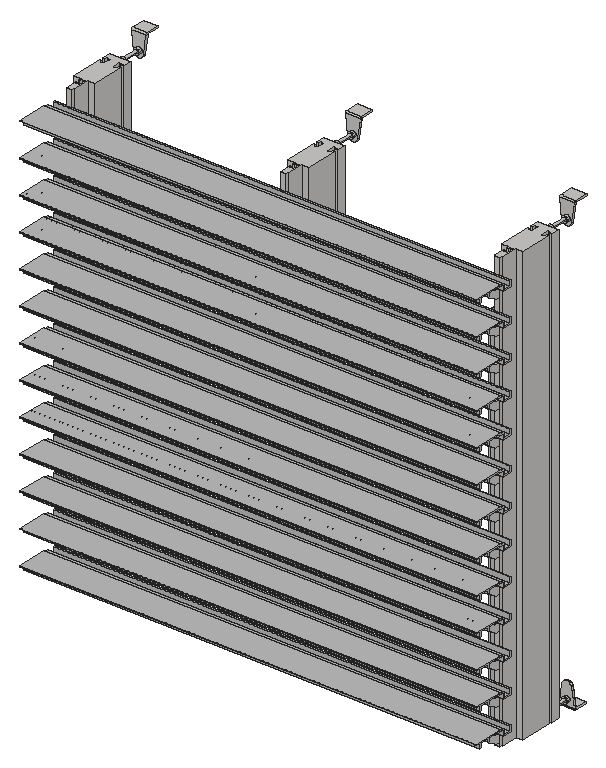
Revit family "Window_Shade-Draper-FlexLouver_Rack_Arm_System-Square", category Specialty Equipment, Revit 2013 (continued)
Definition of nested family "End Louver"
  Definition of nested family "EL Geometry"
    Forms (in)
      Extrusion 1, solid, material "Metal - Draper -Aluminum - Silver" <- "Louver", visible <- "50A Louver"
        sketch origin (0.875, 0.09844, 0.09471) x (0, 1, 0) y (0, 0, 1)
          loop
            line (-1.10039, -0.21165) -> (-1.08494, -0.23886)
            arc (-1.08494, -0.23886) -> (-0.13997, 0.10124) -> (0.85922, 0) r 2.2683
        from -18.875 to 17.125
      Extrusion 2, solid, material "Metal - Draper -Aluminum - Silver" <- "Louver", visible <- "75E Louver"
        sketch origin (0.875, -0.27705, -0.28799) x (0, 1, 0) y (0, 0, 1)
          loop
            arc (-0.93097, 0.42732) -> (-0.63341, 0.48598) -> (-0.3325, 0.52386) r 4.37044
            line (-0.3325, 0.52386) -> (-0.3325, 0.26422) -> (-0.27191, 0.26422) -> (-0.27191, 0.52894)
            arc (-0.27191, 0.52894) -> (0.47622, 0.52215) -> (1.21224, 0.38786) r 4.37044
            line (1.21224, 0.38786) -> (1.21224, 0) -> (1.2892, 0) -> (1.2892, 0.36612)
            arc (1.2892, 0.36612) -> (1.51991, 0.29165) -> (1.74614, 0.20451) r 4.37044
            arc (1.74614, 0.20451) -> (1.82881, 0.1271) -> (1.84994, 0.23836) r 0.06463
            arc (1.84994, 0.23836) -> (0.43744, 0.61105) -> (-1.01727, 0.47752) r 4.20109
            arc (-1.01727, 0.47752) -> (-1.02703, 0.36146) -> (-0.93097, 0.42732) r 0.06446
        from -18.875 to 17.125
      Extrusion 3, solid, material "Metal - Draper -Aluminum - Silver" <- "Louver", visible <- "80R Louver"
        sketch origin (0.875, 0.01071, 2.13816) x (0, 1, 0) y (0, 0, 1)
          loop
            arc (1.4161, -2.4181) -> (1.37978, -2.50109) -> (1.33223, -2.42398) r 0.05114
            line (1.33223, -2.42398) -> (1.30018, -2.41891)
            arc (1.30018, -2.41891) -> (1.39147, -2.5307) -> (1.43495, -2.39308) r 0.08203
            arc (1.43495, -2.39308) -> (0.10648, -1.90939) -> (-1.29962, -2.05656) r 3.14468
            arc (-1.29962, -2.05656) -> (-1.30016, -2.20078) -> (-1.179, -2.12254) r 0.08203
            line (-1.179, -2.12254) -> (-1.21105, -2.11747)
            arc (-1.21105, -2.11747) -> (-1.2801, -2.17611) -> (-1.289, -2.08595) r 0.05114
            arc (-1.289, -2.08595) -> (0.10182, -1.94031) -> (1.4161, -2.4181) r 3.11343
        from -18.875 to 17.125
      Extrusion 4, solid, material "Metal - Draper -Aluminum - Silver" <- "Louver", visible <- "88E Louver"
        sketch origin (0.875, -0.64781, 2.45794) x (0, 1, 0) y (0, 0, 1)
          loop
            line (-1.05423, -2.17771) -> (-1.05423, -2.24021) -> (-0.69623, -2.24021) -> (-0.69623, -2.61148) -> (-0.63373, -2.61148) -> (-0.63373, -2.24021) -> (0.03734, -2.24021) -> (0.03734, -2.48736) -> (0.09832, -2.48736) -> (0.09832, -2.24021) -> (1.25281, -2.24021) -> (1.25281, -2.31855) -> (1.58301, -2.31855) -> (1.58301, -2.74593) -> (2.32077, -2.74593) -> (2.32077, -2.29155) -> (2.25724, -2.29155) -> (2.25724, -2.68343) -> (1.64458, -2.68343) -> (1.64458, -2.25605) -> (1.31531, -2.25605) -> (1.31531, -2.17771) -> (-1.05423, -2.17771)
        from -18.875 to 17.125
      Extrusion 5, solid, material "Metal - Draper -Aluminum - Silver" <- "Louver", visible <- "75E - 88E"
        sketch origin (0.03125, 9.96393, -0.85962) x (0, 1, 0) y (0, 0, 1)
          loop
            line (-8.89938, 0.32812) -> (-8.89938, 0.57163) -> (-9.02874, 0.57163) -> (-9.02874, 0.94914) -> (-9.82122, 0.94914)
            arc (-9.82122, 0.94914) -> (-9.93468, 1.02552) -> (-10.06742, 0.99255) r 0.16846
            line (-10.06742, 0.99255) -> (-10.51342, 1.03942) -> (-10.51342, 0.8302) -> (-10.57441, 0.8302) -> (-10.57441, 1.05461) -> (-10.64797, 1.04604) -> (-10.73533, 0.9893)
            arc (-10.73533, 0.9893) -> (-10.78682, 0.91644) -> (-10.77402, 0.82815) r 0.12038
            line (-10.77402, 0.82815) -> (-10.53117, 0.40752)
            arc (-10.53117, 0.40752) -> (-10.41309, 0.28944) -> (-10.2518, 0.24622) r 0.32258
            line (-10.2518, 0.24622) -> (-9.81442, 0.24622)
            arc (-9.81442, 0.24622) -> (-9.49847, 0.22436) -> (-9.19207, 0.14423) r 1.69904
            arc (-9.19207, 0.14423) -> (-9.02014, 0.03273) -> (-8.85384, -0.087) r 4.21291
            line (-8.85384, -0.087) -> (-8.68322, 0.17572)
            arc (-8.68322, 0.17572) -> (-8.79019, 0.2535) -> (-8.89938, 0.32812) r 4.52541
        from -17.5 to -17.1875
      Extrusion 6, solid, material "Metal - Draper -Aluminum - Silver" <- "Louver", visible <- "80R Louver"
        sketch origin (0.03125, 8.27568, -4.36662) x (0, 1, 0) y (0, 0, 1)
          loop
            line (-7.10762, 3.96828) -> (-7.01185, 3.95652) -> (-6.99493, 4.09435) -> (-6.84887, 4.08669)
            arc (-6.84887, 4.08669) -> (-8.16314, 4.56448) -> (-9.55396, 4.41884) r 3.11343
            line (-9.55396, 4.41884) -> (-9.43148, 4.40812) -> (-9.43148, 4.26562)
            arc (-9.43148, 4.26562) -> (-8.23654, 4.00891) -> (-7.16558, 3.42) r 4.21291
            line (-7.16558, 3.42) -> (-6.99497, 3.68273)
            arc (-6.99497, 3.68273) -> (-7.0961, 3.75638) -> (-7.19923, 3.82722) r 4.52541
            line (-7.19923, 3.82722) -> (-7.10762, 3.96828)
        from -17.5 to -17.1875
      Extrusion 7, solid, material "Metal - Draper -Aluminum - Silver" <- "Louver", visible <- "50A Louver"
        sketch origin (0.09375, -1.77024, -3.17223) x (0, 1, 0) y (0, 0, 1)
          loop
            arc (2.73173, 3.19939) -> (2.83121, 3.24746) -> (2.78313, 3.34694) r 0.07813
            arc (2.78313, 3.34694) -> (2.71143, 3.37064) -> (2.639, 3.39204) r 2.36205
            line (2.639, 3.39204) -> (2.61906, 3.33271)
            arc (2.61906, 3.33271) -> (2.6791, 3.31522) -> (2.73863, 3.29611) r 2.29955
            line (2.73863, 3.29611) -> (2.72868, 3.26649)
            arc (2.72868, 3.26649) -> (1.72949, 3.36773) -> (0.78452, 3.02763) r 2.2683
            line (0.78452, 3.02763) -> (0.76908, 3.05484)
            arc (0.76908, 3.05484) -> (0.82224, 3.08776) -> (0.87627, 3.11921) r 2.29955
            line (0.87627, 3.11921) -> (0.84542, 3.17357)
            arc (0.84542, 3.17357) -> (0.77943, 3.13491) -> (0.71472, 3.09414) r 2.36205
            arc (0.71472, 3.09414) -> (0.69202, 2.98601) -> (0.80014, 2.96331) r 0.07812
            arc (0.80014, 2.96331) -> (1.18834, 3.16497) -> (1.60869, 3.28606) r 2.2058
            arc (1.60869, 3.28606) -> (1.57054, 3.09945) -> (1.69921, 2.95901) r 0.2096
            line (1.69921, 2.95901) -> (1.25669, 2.60066) -> (1.29602, 2.55209) -> (1.7131, 2.88984)
            arc (1.7131, 2.88984) -> (1.84399, 2.89281) -> (1.95835, 2.95657) r 0.2721
            arc (1.95835, 2.95657) -> (2.12601, 2.87183) -> (2.28769, 2.77616) r 2.82996
            line (2.28769, 2.77616) -> (2.45567, 3.03967)
            arc (2.45567, 3.03967) -> (2.34919, 3.10462) -> (2.24021, 3.16529) r 3.14246
            line (2.24021, 3.16529) -> (2.5197, 3.26153)
            arc (2.5197, 3.26153) -> (2.6265, 3.23311) -> (2.73173, 3.19939) r 2.2058
          loop
            arc (1.90262, 3.31973) -> (1.96396, 3.24078) -> (1.98175, 3.1424) r 0.2096
            line (1.98175, 3.1424) -> (2.40055, 3.2866)
            arc (2.40055, 3.2866) -> (2.15252, 3.31729) -> (1.90262, 3.31973) r 2.2058
        from -17.5625 to -17.25
      Extrusion 8, solid, material "Metal - Draper -Aluminum - Silver" <- "Louver", visible <- "75E - 88E"
        sketch origin (33.8125, 9.96393, -0.85962) x (0, 1, 0) y (0, 0, 1)
          loop
            line (-8.89938, 0.32812) -> (-8.89938, 0.57163) -> (-9.02874, 0.57163) -> (-9.02874, 0.94914) -> (-9.82122, 0.94914)
            arc (-9.82122, 0.94914) -> (-9.93468, 1.02552) -> (-10.06742, 0.99255) r 0.16846
            line (-10.06742, 0.99255) -> (-10.51342, 1.03942) -> (-10.51342, 0.8302) -> (-10.57441, 0.8302) -> (-10.57441, 1.05461) -> (-10.64797, 1.04604) -> (-10.73533, 0.9893)
            arc (-10.73533, 0.9893) -> (-10.78682, 0.91644) -> (-10.77402, 0.82815) r 0.12038
            line (-10.77402, 0.82815) -> (-10.53117, 0.40752)
            arc (-10.53117, 0.40752) -> (-10.41309, 0.28944) -> (-10.2518, 0.24622) r 0.32258
            line (-10.2518, 0.24622) -> (-9.81442, 0.24622)
            arc (-9.81442, 0.24622) -> (-9.49847, 0.22436) -> (-9.19207, 0.14423) r 1.69904
            arc (-9.19207, 0.14423) -> (-9.02014, 0.03273) -> (-8.85384, -0.087) r 4.21291
            line (-8.85384, -0.087) -> (-8.68322, 0.17572)
            arc (-8.68322, 0.17572) -> (-8.79019, 0.2535) -> (-8.89938, 0.32812) r 4.52541
        from -17.5 to -17.1875
      Extrusion 9, solid, material "Metal - Draper -Aluminum - Silver" <- "Louver", visible <- "75E - 88E"
        sketch origin (16.92188, 9.96393, -0.85962) x (0, 1, 0) y (0, 0, 1)
          loop
            line (-8.89938, 0.32812) -> (-8.89938, 0.57163) -> (-9.02874, 0.57163) -> (-9.02874, 0.94914) -> (-9.82122, 0.94914)
            arc (-9.82122, 0.94914) -> (-9.93468, 1.02552) -> (-10.06742, 0.99255) r 0.16846
            line (-10.06742, 0.99255) -> (-10.51342, 1.03942) -> (-10.51342, 0.8302) -> (-10.57441, 0.8302) -> (-10.57441, 1.05461) -> (-10.64797, 1.04604) -> (-10.73533, 0.9893)
            arc (-10.73533, 0.9893) -> (-10.78682, 0.91644) -> (-10.77402, 0.82815) r 0.12038
            line (-10.77402, 0.82815) -> (-10.53117, 0.40752)
            arc (-10.53117, 0.40752) -> (-10.41309, 0.28944) -> (-10.2518, 0.24622) r 0.32258
            line (-10.2518, 0.24622) -> (-9.81442, 0.24622)
            arc (-9.81442, 0.24622) -> (-9.49847, 0.22436) -> (-9.19207, 0.14423) r 1.69904
            arc (-9.19207, 0.14423) -> (-9.02014, 0.03273) -> (-8.85384, -0.087) r 4.21291
            line (-8.85384, -0.087) -> (-8.68322, 0.17572)
            arc (-8.68322, 0.17572) -> (-8.79019, 0.2535) -> (-8.89938, 0.32812) r 4.52541
        from -17.5 to -17.1875
      Extrusion 10, solid, material "Metal - Draper -Aluminum - Silver" <- "Louver", visible <- "80R Louver"
        sketch origin (33.8125, 8.27568, -4.36662) x (0, 1, 0) y (0, 0, 1)
          loop
            line (-7.10762, 3.96828) -> (-7.01185, 3.95652) -> (-6.99493, 4.09435) -> (-6.84887, 4.08669)
            arc (-6.84887, 4.08669) -> (-8.16314, 4.56448) -> (-9.55396, 4.41884) r 3.11343
            line (-9.55396, 4.41884) -> (-9.43148, 4.40812) -> (-9.43148, 4.26562)
            arc (-9.43148, 4.26562) -> (-8.23654, 4.00891) -> (-7.16558, 3.42) r 4.21291
            line (-7.16558, 3.42) -> (-6.99497, 3.68273)
            arc (-6.99497, 3.68273) -> (-7.0961, 3.75638) -> (-7.19923, 3.82722) r 4.52541
            line (-7.19923, 3.82722) -> (-7.10762, 3.96828)
        from -17.5 to -17.1875
      Extrusion 11, solid, material "Metal - Draper -Aluminum - Silver" <- "Louver", visible <- "80R Louver"
        sketch origin (16.92188, 8.27568, -4.36662) x (0, 1, 0) y (0, 0, 1)
          loop
            line (-7.10762, 3.96828) -> (-7.01185, 3.95652) -> (-6.99493, 4.09435) -> (-6.84887, 4.08669)
            arc (-6.84887, 4.08669) -> (-8.16314, 4.56448) -> (-9.55396, 4.41884) r 3.11343
            line (-9.55396, 4.41884) -> (-9.43148, 4.40812) -> (-9.43148, 4.26562)
            arc (-9.43148, 4.26562) -> (-8.23654, 4.00891) -> (-7.16558, 3.42) r 4.21291
            line (-7.16558, 3.42) -> (-6.99497, 3.68273)
            arc (-6.99497, 3.68273) -> (-7.0961, 3.75638) -> (-7.19923, 3.82722) r 4.52541
            line (-7.19923, 3.82722) -> (-7.10762, 3.96828)
        from -17.5 to -17.1875
      Extrusion 12, solid, material "Metal - Draper -Aluminum - Silver" <- "Louver", visible <- "50A Louver"
        sketch origin (33.875, -1.77024, -3.17223) x (0, 1, 0) y (0, 0, 1)
          loop
            arc (2.73173, 3.19939) -> (2.83121, 3.24746) -> (2.78313, 3.34694) r 0.07813
            arc (2.78313, 3.34694) -> (2.71143, 3.37064) -> (2.639, 3.39204) r 2.36205
            line (2.639, 3.39204) -> (2.61906, 3.33271)
            arc (2.61906, 3.33271) -> (2.6791, 3.31522) -> (2.73863, 3.29611) r 2.29955
            line (2.73863, 3.29611) -> (2.72868, 3.26649)
            arc (2.72868, 3.26649) -> (1.72949, 3.36773) -> (0.78452, 3.02763) r 2.2683
            line (0.78452, 3.02763) -> (0.76908, 3.05484)
            arc (0.76908, 3.05484) -> (0.82224, 3.08776) -> (0.87627, 3.11921) r 2.29955
            line (0.87627, 3.11921) -> (0.84542, 3.17357)
            arc (0.84542, 3.17357) -> (0.77943, 3.13491) -> (0.71472, 3.09414) r 2.36205
            arc (0.71472, 3.09414) -> (0.69202, 2.98601) -> (0.80014, 2.96331) r 0.07812
            arc (0.80014, 2.96331) -> (1.18834, 3.16497) -> (1.60869, 3.28606) r 2.2058
            arc (1.60869, 3.28606) -> (1.57054, 3.09945) -> (1.69921, 2.95901) r 0.2096
            line (1.69921, 2.95901) -> (1.25669, 2.60066) -> (1.29602, 2.55209) -> (1.7131, 2.88984)
            arc (1.7131, 2.88984) -> (1.84399, 2.89281) -> (1.95835, 2.95657) r 0.2721
            arc (1.95835, 2.95657) -> (2.12601, 2.87183) -> (2.28769, 2.77616) r 2.82996
            line (2.28769, 2.77616) -> (2.45567, 3.03967)
            arc (2.45567, 3.03967) -> (2.34919, 3.10462) -> (2.24021, 3.16529) r 3.14246
            line (2.24021, 3.16529) -> (2.5197, 3.26153)
            arc (2.5197, 3.26153) -> (2.6265, 3.23311) -> (2.73173, 3.19939) r 2.2058
          loop
            arc (1.90262, 3.31973) -> (1.96396, 3.24078) -> (1.98175, 3.1424) r 0.2096
            line (1.98175, 3.1424) -> (2.40055, 3.2866)
            arc (2.40055, 3.2866) -> (2.15252, 3.31729) -> (1.90262, 3.31973) r 2.2058
        from -17.5625 to -17.25
      Extrusion 13, solid, material "Metal - Draper -Aluminum - Silver" <- "Louver", visible <- "50A Louver"
        sketch origin (16.98438, -1.77024, -3.17223) x (0, 1, 0) y (0, 0, 1)
          loop
            arc (2.73173, 3.19939) -> (2.83121, 3.24746) -> (2.78313, 3.34694) r 0.07813
            arc (2.78313, 3.34694) -> (2.71143, 3.37064) -> (2.639, 3.39204) r 2.36205
            line (2.639, 3.39204) -> (2.61906, 3.33271)
            arc (2.61906, 3.33271) -> (2.6791, 3.31522) -> (2.73863, 3.29611) r 2.29955
            line (2.73863, 3.29611) -> (2.72868, 3.26649)
            arc (2.72868, 3.26649) -> (1.72949, 3.36773) -> (0.78452, 3.02763) r 2.2683
            line (0.78452, 3.02763) -> (0.76908, 3.05484)
            arc (0.76908, 3.05484) -> (0.82224, 3.08776) -> (0.87627, 3.11921) r 2.29955
            line (0.87627, 3.11921) -> (0.84542, 3.17357)
            arc (0.84542, 3.17357) -> (0.77943, 3.13491) -> (0.71472, 3.09414) r 2.36205
            arc (0.71472, 3.09414) -> (0.69202, 2.98601) -> (0.80014, 2.96331) r 0.07812
            arc (0.80014, 2.96331) -> (1.18834, 3.16497) -> (1.60869, 3.28606) r 2.2058
            arc (1.60869, 3.28606) -> (1.57054, 3.09945) -> (1.69921, 2.95901) r 0.2096
            line (1.69921, 2.95901) -> (1.25669, 2.60066) -> (1.29602, 2.55209) -> (1.7131, 2.88984)
            arc (1.7131, 2.88984) -> (1.84399, 2.89281) -> (1.95835, 2.95657) r 0.2721
            arc (1.95835, 2.95657) -> (2.12601, 2.87183) -> (2.28769, 2.77616) r 2.82996
            line (2.28769, 2.77616) -> (2.45567, 3.03967)
            arc (2.45567, 3.03967) -> (2.34919, 3.10462) -> (2.24021, 3.16529) r 3.14246
            line (2.24021, 3.16529) -> (2.5197, 3.26153)
            arc (2.5197, 3.26153) -> (2.6265, 3.23311) -> (2.73173, 3.19939) r 2.2058
          loop
            arc (1.90262, 3.31973) -> (1.96396, 3.24078) -> (1.98175, 3.1424) r 0.2096
            line (1.98175, 3.1424) -> (2.40055, 3.2866)
            arc (2.40055, 3.2866) -> (2.15252, 3.31729) -> (1.90262, 3.31973) r 2.2058
        from -17.5625 to -17.25
      Extrusion 14, solid, material "Metal - Draper -Aluminum - Silver" <- "Louver", visible <- "50A Louver", not visible
        sketch origin (0.09375, -1.77024, -3.17223) x (0, 1, 0) y (0, 0, 1)
          loop
            arc (2.73173, 3.19939) -> (2.83121, 3.24746) -> (2.78313, 3.34694) r 0.07813
            arc (2.78313, 3.34694) -> (2.71143, 3.37064) -> (2.639, 3.39204) r 2.36205
            line (2.639, 3.39204) -> (2.61906, 3.33271)
            arc (2.61906, 3.33271) -> (2.6791, 3.31522) -> (2.73863, 3.29611) r 2.29955
            line (2.73863, 3.29611) -> (2.72868, 3.26649)
            arc (2.72868, 3.26649) -> (1.72949, 3.36773) -> (0.78452, 3.02763) r 2.2683
            line (0.78452, 3.02763) -> (0.76908, 3.05484)
            arc (0.76908, 3.05484) -> (0.82224, 3.08776) -> (0.87627, 3.11921) r 2.29955
            line (0.87627, 3.11921) -> (0.84542, 3.17357)
            arc (0.84542, 3.17357) -> (0.77943, 3.13491) -> (0.71472, 3.09414) r 2.36205
            arc (0.71472, 3.09414) -> (0.69202, 2.98601) -> (0.80014, 2.96331) r 0.07812
            arc (0.80014, 2.96331) -> (1.18834, 3.16497) -> (1.60869, 3.28606) r 2.2058
            arc (1.60869, 3.28606) -> (1.57054, 3.09945) -> (1.69921, 2.95901) r 0.2096
            line (1.69921, 2.95901) -> (1.25669, 2.60066) -> (1.29602, 2.55209) -> (1.7131, 2.88984)
            arc (1.7131, 2.88984) -> (1.84399, 2.89281) -> (1.95835, 2.95657) r 0.2721
            arc (1.95835, 2.95657) -> (2.12601, 2.87183) -> (2.28769, 2.77616) r 2.82996
            line (2.28769, 2.77616) -> (2.45567, 3.03967)
            arc (2.45567, 3.03967) -> (2.34919, 3.10462) -> (2.24021, 3.16529) r 3.14246
            line (2.24021, 3.16529) -> (2.5197, 3.26153)
            arc (2.5197, 3.26153) -> (2.6265, 3.23311) -> (2.73173, 3.19939) r 2.2058
          loop
            arc (1.90262, 3.31973) -> (1.96396, 3.24078) -> (1.98175, 3.1424) r 0.2096
            line (1.98175, 3.1424) -> (2.40055, 3.2866)
            arc (2.40055, 3.2866) -> (2.15252, 3.31729) -> (1.90262, 3.31973) r 2.2058
        from -17.5625 to -17.25
      Extrusion 15, solid, material "Metal - Draper -Aluminum - Silver" <- "Louver", visible <- "80R Louver", not visible
        sketch origin (0.03125, 8.27568, -4.36662) x (0, 1, 0) y (0, 0, 1)
          loop
            line (-7.10762, 3.96828) -> (-7.01185, 3.95652) -> (-6.99493, 4.09435) -> (-6.84887, 4.08669)
            arc (-6.84887, 4.08669) -> (-8.16314, 4.56448) -> (-9.55396, 4.41884) r 3.11343
            line (-9.55396, 4.41884) -> (-9.43148, 4.40812) -> (-9.43148, 4.26562)
            arc (-9.43148, 4.26562) -> (-8.23654, 4.00891) -> (-7.16558, 3.42) r 4.21291
            line (-7.16558, 3.42) -> (-6.99497, 3.68273)
            arc (-6.99497, 3.68273) -> (-7.0961, 3.75638) -> (-7.19923, 3.82722) r 4.52541
            line (-7.19923, 3.82722) -> (-7.10762, 3.96828)
        from -17.5 to -17.1875
      Extrusion 16, solid, material "Metal - Draper -Aluminum - Silver" <- "Louver", visible <- "75E - 88E", not visible
        sketch origin (0.03125, 9.96393, -0.85962) x (0, 1, 0) y (0, 0, 1)
          loop
            line (-8.89938, 0.32812) -> (-8.89938, 0.57163) -> (-9.02874, 0.57163) -> (-9.02874, 0.94914) -> (-9.82122, 0.94914)
            arc (-9.82122, 0.94914) -> (-9.93468, 1.02552) -> (-10.06742, 0.99255) r 0.16846
            line (-10.06742, 0.99255) -> (-10.51342, 1.03942) -> (-10.51342, 0.8302) -> (-10.57441, 0.8302) -> (-10.57441, 1.05461) -> (-10.64797, 1.04604) -> (-10.73533, 0.9893)
            arc (-10.73533, 0.9893) -> (-10.78682, 0.91644) -> (-10.77402, 0.82815) r 0.12038
            line (-10.77402, 0.82815) -> (-10.53117, 0.40752)
            arc (-10.53117, 0.40752) -> (-10.41309, 0.28944) -> (-10.2518, 0.24622) r 0.32258
            line (-10.2518, 0.24622) -> (-9.81442, 0.24622)
            arc (-9.81442, 0.24622) -> (-9.49847, 0.22436) -> (-9.19207, 0.14423) r 1.69904
            arc (-9.19207, 0.14423) -> (-9.02014, 0.03273) -> (-8.85384, -0.087) r 4.21291
            line (-8.85384, -0.087) -> (-8.68322, 0.17572)
            arc (-8.68322, 0.17572) -> (-8.79019, 0.2535) -> (-8.89938, 0.32812) r 4.52541
        from -17.5 to -17.1875
    Dimensions and locks (in)
      equal spacing: plane 4, plane 3 "Center (Left/Right)", plane 5
      "Length": plane 4 to plane 5
      locked: plane 4 to plane 6 at 0.53125
      locked: plane 6 to plane 7 at 0.3125
      locked: plane 8 to plane 5 at 1.6875
      equal spacing: group 1, group 3, group 2  (x3)
      equal spacing: group 4, group 6, group 5  (x3)
      equal spacing: group 7, group 9, group 8  (x3)
      aligned and locked: plane 2 to level
      aligned and locked: Extrusion 4 to plane 4
      aligned and locked: Extrusion 2 to plane 4
      aligned and locked: Extrusion 3 to plane 4
      aligned and locked: Extrusion 1 to plane 4
      aligned and locked: plane 5 to Extrusion 4
      aligned and locked: plane 5 to Extrusion 2
      aligned and locked: plane 5 to Extrusion 1
      aligned and locked: plane 5 to Extrusion 3
      aligned and locked: Extrusion 5 to plane 6
      aligned and locked: Extrusion 6 to plane 6
      aligned and locked: plane 8 to Extrusion 8
      aligned and locked: plane 8 to Extrusion 10
      aligned and locked: plane 8 to Extrusion 12
      aligned and locked: plane 7 to Extrusion 5
      aligned and locked: plane 7 to Extrusion 6
      aligned and locked: plane 7 to Extrusion 7
    Automatic sketch dimensions
      Extrusion 3 sketch curve to Extrusion 3 sketch curve = 0"  (x2)
      level to Extrusion 3 sketch curve = 0.02069"
      plane 1 "Center (Front/Back)" to Extrusion 3 sketch curve = 1.20034"
      Extrusion 3 sketch curve to level = 0.28582"
      level to Extrusion 3 sketch curve = 1/64"
      Extrusion 3 sketch curve to Extrusion 3 sketch curve = 0.03204"  (x2)
      Extrusion 3 sketch curve to Extrusion 3 sketch curve = 0.08857"
      Extrusion 3 sketch curve to Extrusion 3 sketch curve = 0.01063"
      level to Extrusion 3 sketch curve = 0.00946"
      Extrusion 3 sketch curve to Extrusion 3 sketch curve = 0.04989"
      Extrusion 3 sketch curve to Extrusion 3 sketch curve = 0.00014"
      plane 1 "Center (Front/Back)" to Extrusion 3 sketch curve = 0.2669"
      Extrusion 3 sketch curve to Extrusion 3 sketch curve = 0.00017"
      Extrusion 3 sketch curve to Extrusion 3 sketch curve = 0.01885"
      Extrusion 3 sketch curve to Extrusion 3 sketch curve = 0.00508"
      Extrusion 3 sketch curve to level = 2.89237"
      Extrusion 3 sketch curve to Extrusion 3 sketch curve = 0.00006"
      level to Extrusion 4 sketch curve = 0.28023"
      plane 1 "Center (Front/Back)" to Extrusion 4 sketch curve = 1.70204"
      Extrusion 4 sketch curve to level = 0.28799"
      Extrusion 4 sketch curve to Extrusion 4 sketch curve = 0.358"
      Extrusion 4 sketch curve to Extrusion 4 sketch curve = 1/16"  (x5)
      Extrusion 4 sketch curve to level = 0.02942"
      plane 1 "Center (Front/Back)" to Extrusion 4 sketch curve = 0.61048"
      Extrusion 4 sketch curve to Extrusion 4 sketch curve = 0.06098"
      Extrusion 4 sketch curve to Extrusion 4 sketch curve = 0.3302"
      Extrusion 4 sketch curve to Extrusion 4 sketch curve = 0.06353"
      Extrusion 4 sketch curve to level = 0.15354"
      level to Extrusion 4 sketch curve = 0.1394"
      level to Extrusion 4 sketch curve = 0.1664"
      Extrusion 4 sketch curve to Extrusion 4 sketch curve = 0.01583"
      Extrusion 4 sketch curve to Extrusion 4 sketch curve = 0"
      Extrusion 4 sketch curve to plane 1 "Center (Front/Back)" = 0.605"
      Extrusion 4 sketch curve to Extrusion 4 sketch curve = 0.06157"
      Extrusion 6 sketch curve to Extrusion 6 sketch curve = 0.12249"
      Extrusion 6 sketch curve to Extrusion 6 sketch curve = 0.0916"
      Extrusion 6 sketch curve to Extrusion 6 sketch curve = 0.09577"
      Extrusion 6 sketch curve to Extrusion 6 sketch curve = 0.1293"
      Extrusion 6 sketch curve to Extrusion 6 sketch curve = 0.01176"
      Extrusion 6 sketch curve to Extrusion 6 sketch curve = 0.00765"
      Extrusion 6 sketch curve to Extrusion 6 sketch curve = 1.41236"
      Extrusion 3 sketch curve to Extrusion 3 sketch curve = 0.0438"
      Extrusion 3 sketch curve to Extrusion 3 sketch curve = 0.0399"
      Extrusion 6 sketch curve to Extrusion 6 sketch curve = 0.14606"
      Extrusion 3 sketch curve to plane 1 "Center (Front/Back)" = 1.31089"
      Extrusion 4 sketch curve to plane 1 "Center (Front/Back)" = 1.60943"
      Extrusion 6 sketch curve to Extrusion 6 sketch curve = 0.01692"
      Extrusion 6 sketch curve to Extrusion 6 sketch curve = 0.27807"
      Extrusion 6 sketch curve to Extrusion 6 sketch curve = 1.16697"
      Extrusion 6 sketch curve to Extrusion 6 sketch curve = 0.4384"
      Extrusion 6 sketch curve to Extrusion 6 sketch curve = 0.01072"
      Extrusion 10 sketch curve to Extrusion 10 sketch curve = 0.12249"
      Extrusion 10 sketch curve to Extrusion 10 sketch curve = 0.0916"
      Extrusion 10 sketch curve to Extrusion 10 sketch curve = 0.09577"
      Extrusion 10 sketch curve to Extrusion 10 sketch curve = 0.1293"
      Extrusion 10 sketch curve to Extrusion 10 sketch curve = 0.01176"
      Extrusion 10 sketch curve to Extrusion 10 sketch curve = 0.00765"
      Extrusion 10 sketch curve to Extrusion 10 sketch curve = 1.41236"
      Extrusion 10 sketch curve to Extrusion 10 sketch curve = 0.14606"
      Extrusion 10 sketch curve to Extrusion 10 sketch curve = 0.01692"
      Extrusion 10 sketch curve to Extrusion 10 sketch curve = 0.27807"
      Extrusion 10 sketch curve to Extrusion 10 sketch curve = 1.16697"
      Extrusion 10 sketch curve to Extrusion 10 sketch curve = 0.4384"
      Extrusion 10 sketch curve to Extrusion 10 sketch curve = 0.01072"
      Extrusion 11 sketch curve to Extrusion 11 sketch curve = 0.12249"
      Extrusion 11 sketch curve to Extrusion 11 sketch curve = 0.0916"
      Extrusion 11 sketch curve to Extrusion 11 sketch curve = 0.09577"
      Extrusion 11 sketch curve to Extrusion 11 sketch curve = 0.1293"
      Extrusion 11 sketch curve to Extrusion 11 sketch curve = 0.01176"
      Extrusion 11 sketch curve to Extrusion 11 sketch curve = 0.00765"
      Extrusion 11 sketch curve to Extrusion 11 sketch curve = 1.41236"
      Extrusion 11 sketch curve to Extrusion 11 sketch curve = 0.14606"
      Extrusion 11 sketch curve to Extrusion 11 sketch curve = 0.01692"
      Extrusion 11 sketch curve to Extrusion 11 sketch curve = 0.27807"
      Extrusion 11 sketch curve to Extrusion 11 sketch curve = 1.16697"
      Extrusion 11 sketch curve to Extrusion 11 sketch curve = 0.4384"
      Extrusion 11 sketch curve to Extrusion 11 sketch curve = 0.01072"
      Extrusion 15 sketch curve to Extrusion 15 sketch curve = 0.12249"
      Extrusion 15 sketch curve to Extrusion 15 sketch curve = 0.0916"
      Extrusion 15 sketch curve to Extrusion 15 sketch curve = 0.09577"
      Extrusion 15 sketch curve to Extrusion 15 sketch curve = 0.1293"
      Extrusion 15 sketch curve to Extrusion 15 sketch curve = 0.01176"
      Extrusion 15 sketch curve to Extrusion 15 sketch curve = 0.00765"
      Extrusion 15 sketch curve to Extrusion 15 sketch curve = 1.41236"
      Extrusion 15 sketch curve to Extrusion 15 sketch curve = 0.14606"
      Extrusion 15 sketch curve to Extrusion 15 sketch curve = 0.01692"
      Extrusion 15 sketch curve to Extrusion 15 sketch curve = 0.27807"
      Extrusion 15 sketch curve to Extrusion 15 sketch curve = 1.16697"
      Extrusion 15 sketch curve to Extrusion 15 sketch curve = 0.4384"
      Extrusion 15 sketch curve to Extrusion 15 sketch curve = 0.01072"
      Extrusion 6 sketch curve to Extrusion 6 sketch curve = 0"  (x4)
      Extrusion 6 sketch curve to Extrusion 6 sketch curve = 0.03364"
      Extrusion 6 sketch curve to Extrusion 6 sketch curve = 0.11265"
      Extrusion 6 sketch curve to Extrusion 6 sketch curve = 0.40721"
      Extrusion 6 sketch curve to Extrusion 6 sketch curve = 0.28555"
      Extrusion 10 sketch curve to Extrusion 10 sketch curve = 0"  (x4)
      Extrusion 10 sketch curve to Extrusion 10 sketch curve = 0.03364"
      Extrusion 10 sketch curve to Extrusion 10 sketch curve = 0.11265"
      Extrusion 10 sketch curve to Extrusion 10 sketch curve = 0.40721"
      Extrusion 10 sketch curve to Extrusion 10 sketch curve = 0.28555"
      Extrusion 11 sketch curve to Extrusion 11 sketch curve = 0"  (x4)
      Extrusion 11 sketch curve to Extrusion 11 sketch curve = 0.03364"
      Extrusion 11 sketch curve to Extrusion 11 sketch curve = 0.11265"
      Extrusion 11 sketch curve to Extrusion 11 sketch curve = 0.40721"
      Extrusion 11 sketch curve to Extrusion 11 sketch curve = 0.28555"
      Extrusion 15 sketch curve to Extrusion 15 sketch curve = 0"  (x4)
      Extrusion 15 sketch curve to Extrusion 15 sketch curve = 0.03364"
      Extrusion 15 sketch curve to Extrusion 15 sketch curve = 0.11265"
      Extrusion 15 sketch curve to Extrusion 15 sketch curve = 0.40721"
      Extrusion 15 sketch curve to Extrusion 15 sketch curve = 0.28555"
      Extrusion 5 sketch curve to Extrusion 5 sketch curve = 0.03869"
      Extrusion 5 sketch curve to Extrusion 5 sketch curve = 0.08736"
      Extrusion 5 sketch curve to Extrusion 5 sketch curve = 0.07356"
      Extrusion 5 sketch curve to Extrusion 5 sketch curve = 0.04324"
      Extrusion 5 sketch curve to Extrusion 5 sketch curve = 0.06098"
      Extrusion 5 sketch curve to Extrusion 5 sketch curve = 0.27937"
      Extrusion 5 sketch curve to Extrusion 5 sketch curve = 0.446"
      Extrusion 5 sketch curve to Extrusion 5 sketch curve = 0.2462"
      Extrusion 5 sketch curve to Extrusion 5 sketch curve = 0.43738"
      Extrusion 5 sketch curve to Extrusion 5 sketch curve = 0.79248"
      Extrusion 5 sketch curve to Extrusion 5 sketch curve = 0.12936"
      Extrusion 5 sketch curve to Extrusion 5 sketch curve = 0.09536"
      Extrusion 5 sketch curve to Extrusion 5 sketch curve = 0.10349"
      Extrusion 5 sketch curve to Extrusion 5 sketch curve = 0.04118"
      Extrusion 5 sketch curve to Extrusion 5 sketch curve = 0.29269"
      Extrusion 5 sketch curve to Extrusion 5 sketch curve = 0.33823"
      Extrusion 5 sketch curve to Extrusion 5 sketch curve = 0.21616"
      Extrusion 5 sketch curve to Extrusion 5 sketch curve = 0.0819"
      Extrusion 5 sketch curve to Extrusion 5 sketch curve = 0.16129"
      Extrusion 5 sketch curve to Extrusion 5 sketch curve = 0.24351"
      Extrusion 5 sketch curve to Extrusion 5 sketch curve = 0.42063"
      Extrusion 5 sketch curve to Extrusion 5 sketch curve = 0.00206"
      Extrusion 5 sketch curve to Extrusion 5 sketch curve = 0.3775"
      Extrusion 5 sketch curve to Extrusion 5 sketch curve = 0.16115"
      Extrusion 5 sketch curve to Extrusion 5 sketch curve = 0.04341"
      Extrusion 5 sketch curve to Extrusion 5 sketch curve = 0.20922"
      Extrusion 5 sketch curve to Extrusion 5 sketch curve = 0.05673"
      Extrusion 5 sketch curve to Extrusion 5 sketch curve = 0.01518"
      Extrusion 5 sketch curve to Extrusion 5 sketch curve = 0.23123"
      Extrusion 5 sketch curve to Extrusion 5 sketch curve = 0.1524"
      Extrusion 5 sketch curve to Extrusion 5 sketch curve = 0"  (x4)
      Extrusion 5 sketch curve to Extrusion 5 sketch curve = 0.10199"
      Extrusion 8 sketch curve to Extrusion 8 sketch curve = 0.03869"
      Extrusion 8 sketch curve to Extrusion 8 sketch curve = 0.08736"
      Extrusion 8 sketch curve to Extrusion 8 sketch curve = 0.07356"
      Extrusion 8 sketch curve to Extrusion 8 sketch curve = 0.04324"
      Extrusion 8 sketch curve to Extrusion 8 sketch curve = 0.06098"
      Extrusion 8 sketch curve to Extrusion 8 sketch curve = 0.27937"
      Extrusion 8 sketch curve to Extrusion 8 sketch curve = 0.446"
      Extrusion 8 sketch curve to Extrusion 8 sketch curve = 0.2462"
      Extrusion 8 sketch curve to Extrusion 8 sketch curve = 0.43738"
      Extrusion 8 sketch curve to Extrusion 8 sketch curve = 0.79248"
      Extrusion 8 sketch curve to Extrusion 8 sketch curve = 0.12936"
      Extrusion 8 sketch curve to Extrusion 8 sketch curve = 0.09536"
      Extrusion 8 sketch curve to Extrusion 8 sketch curve = 0.10349"
      Extrusion 8 sketch curve to Extrusion 8 sketch curve = 0.04118"
      Extrusion 8 sketch curve to Extrusion 8 sketch curve = 0.29269"
      Extrusion 8 sketch curve to Extrusion 8 sketch curve = 0.33823"
      Extrusion 8 sketch curve to Extrusion 8 sketch curve = 0.21616"
      Extrusion 8 sketch curve to Extrusion 8 sketch curve = 0.0819"
      Extrusion 8 sketch curve to Extrusion 8 sketch curve = 0.16129"
      Extrusion 8 sketch curve to Extrusion 8 sketch curve = 0.24351"
      Extrusion 8 sketch curve to Extrusion 8 sketch curve = 0.42063"
      Extrusion 8 sketch curve to Extrusion 8 sketch curve = 0.00206"
      Extrusion 8 sketch curve to Extrusion 8 sketch curve = 0.3775"
      Extrusion 8 sketch curve to Extrusion 8 sketch curve = 0.16115"
      Extrusion 8 sketch curve to Extrusion 8 sketch curve = 0.04341"
      Extrusion 8 sketch curve to Extrusion 8 sketch curve = 0.20922"
      Extrusion 8 sketch curve to Extrusion 8 sketch curve = 0.05673"
      Extrusion 8 sketch curve to Extrusion 8 sketch curve = 0.01518"
      Extrusion 8 sketch curve to Extrusion 8 sketch curve = 0.23123"
      Extrusion 8 sketch curve to Extrusion 8 sketch curve = 0.1524"
      Extrusion 8 sketch curve to Extrusion 8 sketch curve = 0"  (x4)
      Extrusion 8 sketch curve to Extrusion 8 sketch curve = 0.10199"
      Extrusion 9 sketch curve to Extrusion 9 sketch curve = 0.03869"
      Extrusion 9 sketch curve to Extrusion 9 sketch curve = 0.08736"
      Extrusion 9 sketch curve to Extrusion 9 sketch curve = 0.07356"
      Extrusion 9 sketch curve to Extrusion 9 sketch curve = 0.04324"
      Extrusion 9 sketch curve to Extrusion 9 sketch curve = 0.06098"
      Extrusion 9 sketch curve to Extrusion 9 sketch curve = 0.27937"
      Extrusion 9 sketch curve to Extrusion 9 sketch curve = 0.446"
      Extrusion 9 sketch curve to Extrusion 9 sketch curve = 0.2462"
      Extrusion 9 sketch curve to Extrusion 9 sketch curve = 0.43738"
      Extrusion 9 sketch curve to Extrusion 9 sketch curve = 0.79248"
      Extrusion 9 sketch curve to Extrusion 9 sketch curve = 0.12936"
      Extrusion 9 sketch curve to Extrusion 9 sketch curve = 0.09536"
      Extrusion 9 sketch curve to Extrusion 9 sketch curve = 0.10349"
      Extrusion 9 sketch curve to Extrusion 9 sketch curve = 0.04118"
      Extrusion 9 sketch curve to Extrusion 9 sketch curve = 0.29269"
      Extrusion 9 sketch curve to Extrusion 9 sketch curve = 0.33823"
      Extrusion 9 sketch curve to Extrusion 9 sketch curve = 0.21616"
      Extrusion 9 sketch curve to Extrusion 9 sketch curve = 0.0819"
      Extrusion 9 sketch curve to Extrusion 9 sketch curve = 0.16129"
      Extrusion 9 sketch curve to Extrusion 9 sketch curve = 0.24351"
      Extrusion 9 sketch curve to Extrusion 9 sketch curve = 0.42063"
      Extrusion 9 sketch curve to Extrusion 9 sketch curve = 0.00206"
      Extrusion 9 sketch curve to Extrusion 9 sketch curve = 0.3775"
      Extrusion 9 sketch curve to Extrusion 9 sketch curve = 0.16115"
      Extrusion 9 sketch curve to Extrusion 9 sketch curve = 0.04341"
      Extrusion 9 sketch curve to Extrusion 9 sketch curve = 0.20922"
      Extrusion 9 sketch curve to Extrusion 9 sketch curve = 0.05673"
      Extrusion 9 sketch curve to Extrusion 9 sketch curve = 0.01518"
      Extrusion 9 sketch curve to Extrusion 9 sketch curve = 0.23123"
      Extrusion 9 sketch curve to Extrusion 9 sketch curve = 0.1524"
      Extrusion 9 sketch curve to Extrusion 9 sketch curve = 0"  (x4)
      Extrusion 9 sketch curve to Extrusion 9 sketch curve = 0.10199"
      Extrusion 16 sketch curve to Extrusion 16 sketch curve = 0.03869"
      Extrusion 16 sketch curve to Extrusion 16 sketch curve = 0.08736"
      Extrusion 16 sketch curve to Extrusion 16 sketch curve = 0.07356"
      Extrusion 16 sketch curve to Extrusion 16 sketch curve = 0.04324"
      Extrusion 16 sketch curve to Extrusion 16 sketch curve = 0.06098"
      Extrusion 16 sketch curve to Extrusion 16 sketch curve = 0.27937"
      Extrusion 16 sketch curve to Extrusion 16 sketch curve = 0.446"
      Extrusion 16 sketch curve to Extrusion 16 sketch curve = 0.2462"
      Extrusion 16 sketch curve to Extrusion 16 sketch curve = 0.43738"
      Extrusion 16 sketch curve to Extrusion 16 sketch curve = 0.79248"
      Extrusion 16 sketch curve to Extrusion 16 sketch curve = 0.12936"
      Extrusion 16 sketch curve to Extrusion 16 sketch curve = 0.09536"
      Extrusion 16 sketch curve to Extrusion 16 sketch curve = 0.10349"
      Extrusion 16 sketch curve to Extrusion 16 sketch curve = 0.04118"
      Extrusion 16 sketch curve to Extrusion 16 sketch curve = 0.29269"
      Extrusion 16 sketch curve to Extrusion 16 sketch curve = 0.33823"
      Extrusion 16 sketch curve to Extrusion 16 sketch curve = 0.21616"
      Extrusion 16 sketch curve to Extrusion 16 sketch curve = 0.0819"
      Extrusion 16 sketch curve to Extrusion 16 sketch curve = 0.16129"
      Extrusion 16 sketch curve to Extrusion 16 sketch curve = 0.24351"
      Extrusion 16 sketch curve to Extrusion 16 sketch curve = 0.42063"
      Extrusion 16 sketch curve to Extrusion 16 sketch curve = 0.00206"
      Extrusion 16 sketch curve to Extrusion 16 sketch curve = 0.3775"
      Extrusion 16 sketch curve to Extrusion 16 sketch curve = 0.16115"
      Extrusion 16 sketch curve to Extrusion 16 sketch curve = 0.04341"
      Extrusion 16 sketch curve to Extrusion 16 sketch curve = 0.20922"
      Extrusion 16 sketch curve to Extrusion 16 sketch curve = 0.05673"
      Extrusion 16 sketch curve to Extrusion 16 sketch curve = 0.01518"
      Extrusion 16 sketch curve to Extrusion 16 sketch curve = 0.23123"
      Extrusion 16 sketch curve to Extrusion 16 sketch curve = 0.1524"
      Extrusion 16 sketch curve to Extrusion 16 sketch curve = 0"  (x4)
      Extrusion 16 sketch curve to Extrusion 16 sketch curve = 0.10199"
      Extrusion 1 sketch curve to Extrusion 1 sketch curve = 0"  (x2)
      Extrusion 1 sketch curve to level = 0.11694"
      plane 1 "Center (Front/Back)" to Extrusion 1 sketch curve = 1.00194"
      Extrusion 1 sketch curve to level = 0.14416"
      Extrusion 1 sketch curve to Extrusion 1 sketch curve = 0.01545"
      level to Extrusion 1 sketch curve = 0.09471"
      Extrusion 1 sketch curve to plane 1 "Center (Front/Back)" = 0.95766"
      level to Extrusion 1 sketch curve = 0.12433"
      Extrusion 1 sketch curve to Extrusion 1 sketch curve = 0.00995"
      Extrusion 7 sketch curve to Extrusion 7 sketch curve = 0"  (x68)
      Extrusion 7 sketch curve to Extrusion 7 sketch curve = 0.01545"
      Extrusion 7 sketch curve to Extrusion 7 sketch curve = 0.07635"
      Extrusion 7 sketch curve to Extrusion 7 sketch curve = 0.03085"
      Extrusion 7 sketch curve to Extrusion 7 sketch curve = 0.47216"
      Extrusion 7 sketch curve to Extrusion 7 sketch curve = 0.03933"
      Extrusion 7 sketch curve to Extrusion 7 sketch curve = 0.44252"
      Extrusion 7 sketch curve to Extrusion 7 sketch curve = 0.01389"
      Extrusion 7 sketch curve to Extrusion 7 sketch curve = 0.28254"
      Extrusion 7 sketch curve to Extrusion 7 sketch curve = 0.25846"
      Extrusion 7 sketch curve to Extrusion 7 sketch curve = 0.04748"
      Extrusion 7 sketch curve to Extrusion 7 sketch curve = 0.16034"
      Extrusion 7 sketch curve to Extrusion 7 sketch curve = 0.21546"
      Extrusion 7 sketch curve to Extrusion 7 sketch curve = 0.11916"
      Extrusion 7 sketch curve to Extrusion 7 sketch curve = 0.09936"
      Extrusion 7 sketch curve to Extrusion 7 sketch curve = 0.01994"
      Extrusion 7 sketch curve to Extrusion 7 sketch curve = 0.10962"
      Extrusion 7 sketch curve to Extrusion 7 sketch curve = 0.00995"
      Extrusion 7 sketch curve to Extrusion 7 sketch curve = 0.05436"
      Extrusion 7 sketch curve to Extrusion 7 sketch curve = 0.02709"
      Extrusion 7 sketch curve to Extrusion 7 sketch curve = 0.5296"
      Extrusion 7 sketch curve to Extrusion 7 sketch curve = 0.09052"
      Extrusion 7 sketch curve to Extrusion 7 sketch curve = 0.2092"
      Extrusion 7 sketch curve to Extrusion 7 sketch curve = 0.07913"
      Extrusion 7 sketch curve to Extrusion 7 sketch curve = 0.0234"
      Extrusion 7 sketch curve to Extrusion 7 sketch curve = 1.23968"
      Extrusion 7 sketch curve to Extrusion 7 sketch curve = 0.00305"
      Extrusion 7 sketch curve to Extrusion 7 sketch curve = 0.02876"
      Extrusion 7 sketch curve to Extrusion 7 sketch curve = 0.04857"
      Extrusion 7 sketch curve to Extrusion 7 sketch curve = 0.11367"
      Extrusion 7 sketch curve to Extrusion 7 sketch curve = 0.42696"
      Extrusion 7 sketch curve to Extrusion 7 sketch curve = 0.26351"
      Extrusion 7 sketch curve to Extrusion 7 sketch curve = 0.02722"
      Extrusion 7 sketch curve to Extrusion 7 sketch curve = 0.06437"
      Extrusion 7 sketch curve to Extrusion 7 sketch curve = 0.18339"
      Extrusion 7 sketch curve to Extrusion 7 sketch curve = 0.12562"
      Extrusion 7 sketch curve to Extrusion 7 sketch curve = 0.02507"
      Extrusion 7 sketch curve to Extrusion 7 sketch curve = 0.02295"
      Extrusion 12 sketch curve to Extrusion 12 sketch curve = 0"  (x68)
      Extrusion 12 sketch curve to Extrusion 12 sketch curve = 0.01545"
      Extrusion 12 sketch curve to Extrusion 12 sketch curve = 0.07635"
      Extrusion 12 sketch curve to Extrusion 12 sketch curve = 0.03085"
      Extrusion 12 sketch curve to Extrusion 12 sketch curve = 0.47216"
      Extrusion 12 sketch curve to Extrusion 12 sketch curve = 0.03933"
      Extrusion 12 sketch curve to Extrusion 12 sketch curve = 0.44252"
      Extrusion 12 sketch curve to Extrusion 12 sketch curve = 0.01389"
      Extrusion 12 sketch curve to Extrusion 12 sketch curve = 0.28254"
      Extrusion 12 sketch curve to Extrusion 12 sketch curve = 0.25846"
      Extrusion 12 sketch curve to Extrusion 12 sketch curve = 0.04748"
      Extrusion 12 sketch curve to Extrusion 12 sketch curve = 0.16034"
      Extrusion 12 sketch curve to Extrusion 12 sketch curve = 0.21546"
      Extrusion 12 sketch curve to Extrusion 12 sketch curve = 0.11916"
      Extrusion 12 sketch curve to Extrusion 12 sketch curve = 0.09936"
      Extrusion 12 sketch curve to Extrusion 12 sketch curve = 0.01994"
      Extrusion 12 sketch curve to Extrusion 12 sketch curve = 0.10962"
      Extrusion 12 sketch curve to Extrusion 12 sketch curve = 0.00995"
      Extrusion 12 sketch curve to Extrusion 12 sketch curve = 0.05436"
      Extrusion 12 sketch curve to Extrusion 12 sketch curve = 0.02709"
      Extrusion 12 sketch curve to Extrusion 12 sketch curve = 0.5296"
      Extrusion 12 sketch curve to Extrusion 12 sketch curve = 0.09052"
      Extrusion 12 sketch curve to Extrusion 12 sketch curve = 0.2092"
      Extrusion 12 sketch curve to Extrusion 12 sketch curve = 0.07913"
      Extrusion 12 sketch curve to Extrusion 12 sketch curve = 0.0234"
      Extrusion 12 sketch curve to Extrusion 12 sketch curve = 1.23968"
      Extrusion 12 sketch curve to Extrusion 12 sketch curve = 0.00305"
      Extrusion 12 sketch curve to Extrusion 12 sketch curve = 0.02876"
      Extrusion 12 sketch curve to Extrusion 12 sketch curve = 0.04857"
      Extrusion 12 sketch curve to Extrusion 12 sketch curve = 0.11367"
      Extrusion 12 sketch curve to Extrusion 12 sketch curve = 0.42696"
      Extrusion 12 sketch curve to Extrusion 12 sketch curve = 0.26351"
      Extrusion 12 sketch curve to Extrusion 12 sketch curve = 0.02722"
      Extrusion 12 sketch curve to Extrusion 12 sketch curve = 0.06437"
      Extrusion 12 sketch curve to Extrusion 12 sketch curve = 0.18339"
      Extrusion 12 sketch curve to Extrusion 12 sketch curve = 0.12562"
      Extrusion 12 sketch curve to Extrusion 12 sketch curve = 0.02507"
      Extrusion 12 sketch curve to Extrusion 12 sketch curve = 0.02295"
      Extrusion 13 sketch curve to Extrusion 13 sketch curve = 0"  (x68)
      Extrusion 13 sketch curve to Extrusion 13 sketch curve = 0.01545"
      Extrusion 13 sketch curve to Extrusion 13 sketch curve = 0.07635"
      Extrusion 13 sketch curve to Extrusion 13 sketch curve = 0.03085"
      Extrusion 13 sketch curve to Extrusion 13 sketch curve = 0.47216"
      Extrusion 13 sketch curve to Extrusion 13 sketch curve = 0.03933"
      Extrusion 13 sketch curve to Extrusion 13 sketch curve = 0.44252"
      Extrusion 13 sketch curve to Extrusion 13 sketch curve = 0.01389"
      Extrusion 13 sketch curve to Extrusion 13 sketch curve = 0.28254"
      Extrusion 13 sketch curve to Extrusion 13 sketch curve = 0.25846"
      Extrusion 13 sketch curve to Extrusion 13 sketch curve = 0.04748"
      Extrusion 13 sketch curve to Extrusion 13 sketch curve = 0.16034"
      Extrusion 13 sketch curve to Extrusion 13 sketch curve = 0.21546"
      Extrusion 13 sketch curve to Extrusion 13 sketch curve = 0.11916"
      Extrusion 13 sketch curve to Extrusion 13 sketch curve = 0.09936"
      Extrusion 13 sketch curve to Extrusion 13 sketch curve = 0.01994"
      Extrusion 13 sketch curve to Extrusion 13 sketch curve = 0.10962"
      Extrusion 13 sketch curve to Extrusion 13 sketch curve = 0.00995"
      Extrusion 13 sketch curve to Extrusion 13 sketch curve = 0.05436"
      Extrusion 13 sketch curve to Extrusion 13 sketch curve = 0.02709"
      Extrusion 13 sketch curve to Extrusion 13 sketch curve = 0.5296"
      Extrusion 13 sketch curve to Extrusion 13 sketch curve = 0.09052"
      Extrusion 13 sketch curve to Extrusion 13 sketch curve = 0.2092"
      Extrusion 13 sketch curve to Extrusion 13 sketch curve = 0.07913"
      Extrusion 13 sketch curve to Extrusion 13 sketch curve = 0.0234"
      Extrusion 13 sketch curve to Extrusion 13 sketch curve = 1.23968"
      Extrusion 13 sketch curve to Extrusion 13 sketch curve = 0.00305"
      Extrusion 13 sketch curve to Extrusion 13 sketch curve = 0.02876"
      Extrusion 13 sketch curve to Extrusion 13 sketch curve = 0.04857"
      Extrusion 13 sketch curve to Extrusion 13 sketch curve = 0.11367"
      Extrusion 13 sketch curve to Extrusion 13 sketch curve = 0.42696"
      Extrusion 13 sketch curve to Extrusion 13 sketch curve = 0.26351"
      Extrusion 13 sketch curve to Extrusion 13 sketch curve = 0.02722"
      Extrusion 13 sketch curve to Extrusion 13 sketch curve = 0.06437"
      Extrusion 13 sketch curve to Extrusion 13 sketch curve = 0.18339"
      Extrusion 13 sketch curve to Extrusion 13 sketch curve = 0.12562"
      Extrusion 13 sketch curve to Extrusion 13 sketch curve = 0.02507"
      Extrusion 13 sketch curve to Extrusion 13 sketch curve = 0.02295"
      Extrusion 14 sketch curve to Extrusion 14 sketch curve = 0"  (x68)
      Extrusion 14 sketch curve to Extrusion 14 sketch curve = 0.01545"
      Extrusion 14 sketch curve to Extrusion 14 sketch curve = 0.07635"
      Extrusion 14 sketch curve to Extrusion 14 sketch curve = 0.03085"
      Extrusion 14 sketch curve to Extrusion 14 sketch curve = 0.47216"
      Extrusion 14 sketch curve to Extrusion 14 sketch curve = 0.03933"
      Extrusion 14 sketch curve to Extrusion 14 sketch curve = 0.44252"
      Extrusion 14 sketch curve to Extrusion 14 sketch curve = 0.01389"
      Extrusion 14 sketch curve to Extrusion 14 sketch curve = 0.28254"
      Extrusion 14 sketch curve to Extrusion 14 sketch curve = 0.25846"
      Extrusion 14 sketch curve to Extrusion 14 sketch curve = 0.04748"
      Extrusion 14 sketch curve to Extrusion 14 sketch curve = 0.16034"
      Extrusion 14 sketch curve to Extrusion 14 sketch curve = 0.21546"
      Extrusion 14 sketch curve to Extrusion 14 sketch curve = 0.11916"
      Extrusion 14 sketch curve to Extrusion 14 sketch curve = 0.09936"
      Extrusion 14 sketch curve to Extrusion 14 sketch curve = 0.01994"
      Extrusion 14 sketch curve to Extrusion 14 sketch curve = 0.10962"
      Extrusion 14 sketch curve to Extrusion 14 sketch curve = 0.00995"
      Extrusion 14 sketch curve to Extrusion 14 sketch curve = 0.05436"
      Extrusion 14 sketch curve to Extrusion 14 sketch curve = 0.02709"
      Extrusion 14 sketch curve to Extrusion 14 sketch curve = 0.5296"
      Extrusion 14 sketch curve to Extrusion 14 sketch curve = 0.09052"
      Extrusion 14 sketch curve to Extrusion 14 sketch curve = 0.2092"
      Extrusion 14 sketch curve to Extrusion 14 sketch curve = 0.07913"
      Extrusion 14 sketch curve to Extrusion 14 sketch curve = 0.0234"
      Extrusion 14 sketch curve to Extrusion 14 sketch curve = 1.23968"
      Extrusion 14 sketch curve to Extrusion 14 sketch curve = 0.00305"
      Extrusion 14 sketch curve to Extrusion 14 sketch curve = 0.02876"
      Extrusion 14 sketch curve to Extrusion 14 sketch curve = 0.04857"
      Extrusion 14 sketch curve to Extrusion 14 sketch curve = 0.11367"
      Extrusion 14 sketch curve to Extrusion 14 sketch curve = 0.42696"
      Extrusion 14 sketch curve to Extrusion 14 sketch curve = 0.26351"
      Extrusion 14 sketch curve to Extrusion 14 sketch curve = 0.02722"
      Extrusion 14 sketch curve to Extrusion 14 sketch curve = 0.06437"
      Extrusion 14 sketch curve to Extrusion 14 sketch curve = 0.18339"
      Extrusion 14 sketch curve to Extrusion 14 sketch curve = 0.12562"
      Extrusion 14 sketch curve to Extrusion 14 sketch curve = 0.02507"
      Extrusion 14 sketch curve to Extrusion 14 sketch curve = 0.02295"
      Extrusion 2 sketch curve to Extrusion 2 sketch curve = 0"  (x4)
      Extrusion 2 sketch curve to level = 0.02377"
      plane 1 "Center (Front/Back)" to Extrusion 2 sketch curve = 0.60955"
      Extrusion 2 sketch curve to level = 0.28799"
      Extrusion 2 sketch curve to Extrusion 2 sketch curve = 0.06059"
      level to Extrusion 2 sketch curve = 0.09987"
      Extrusion 2 sketch curve to plane 1 "Center (Front/Back)" = 0.9352"
      Extrusion 2 sketch curve to Extrusion 2 sketch curve = 0.07696"
      level to Extrusion 2 sketch curve = 0.18953"
      Extrusion 2 sketch curve to Extrusion 2 sketch curve = 0.68477"
      Extrusion 2 sketch curve to Extrusion 2 sketch curve = 0.02265"
      Extrusion 2 sketch curve to Extrusion 2 sketch curve = 0.06365"
      plane 1 "Center (Front/Back)" to Extrusion 2 sketch curve = 0.21441"
      plane 1 "Center (Front/Back)" to Extrusion 2 sketch curve = 0.1888"
      Extrusion 2 sketch curve to level = 0.08348"
      Extrusion 2 sketch curve to Extrusion 2 sketch curve = 0.45695"
      Extrusion 2 sketch curve to Extrusion 2 sketch curve = 0.06263"
      Extrusion 2 sketch curve to level = 0.04963"
      Extrusion 2 sketch curve to Extrusion 2 sketch curve = 0.04117"
      level to Extrusion 2 sketch curve = 5/64"
      Extrusion 2 sketch curve to Extrusion 2 sketch curve = 0.00507"
Types in the file's own list only (24): name | Standard Rack Arm | Motorized Operation | Manual Operation | Louver Width | Louver Location | Louver Bracket Location | LI Location | Heavy Duty Rack Arm | Box Rack Arm | 88E Louver | 80R Louver | 75E Louver | 50A Louver
  Standard-88E-Motorized | Yes | Yes | No | 3 3/8" | 2 1/2" | 1 31/32" | 3 3/8" | No | No | Yes | No | No | No
  Standard-80R-Motorized | Yes | Yes | No | 3 1/8" | 2 1/4" | 1 31/32" | 3 1/8" | No | No | No | Yes | No | No
  Standard-75E-Motorized | Yes | Yes | No | 2 11/16" | 2 1/2" | 1 31/32" | 2 15/16" | No | No | No | No | Yes | No
  Standard-50A-Motorized | Yes | Yes | No | 1 15/16" | 1 3/4" | 1 31/32" | 1 15/16" | No | No | No | No | No | Yes
  Heavy Duty-88E-Motorized | No | Yes | No | 3 3/8" | 2 1/2" | 4 1/4" | 3 3/8" | Yes | No | Yes | No | No | No
  Heavy Duty-80R-Motorized | No | Yes | No | 3 1/8" | 2 1/4" | 4 1/4" | 3 1/8" | Yes | No | No | Yes | No | No
  Heavy Duty-75E-Motorized | No | Yes | No | 2 11/16" | 2 1/2" | 4 1/4" | 2 15/16" | Yes | No | No | No | Yes | No
  Heavy Duty-50A-Motorized | No | Yes | No | 1 15/16" | 1 3/4" | 4 1/4" | 1 15/16" | Yes | No | No | No | No | Yes
  Box-88E-Motorized | No | Yes | No | 3 3/8" | 2 1/2" | 5 1/16" | 3 3/8" | No | Yes | Yes | No | No | No
  Box-80R-Motorized | No | Yes | No | 3 1/8" | 2 1/4" | 5 1/16" | 3 1/8" | No | Yes | No | Yes | No | No
  Box-75E-Motorized | No | Yes | No | 2 11/16" | 2 1/2" | 5 1/16" | 2 15/16" | No | Yes | No | No | Yes | No
  Box-50A-Motorized | No | Yes | No | 1 15/16" | 1 3/4" | 5 1/16" | 1 15/16" | No | Yes | No | No | No | Yes
  Standard-88E-Manual | Yes | No | Yes | 3 3/8" | 2 1/2" | 1 31/32" | 3 3/8" | No | No | Yes | No | No | No
  Standard-80R-Manual | Yes | No | Yes | 3 1/8" | 2 1/4" | 1 31/32" | 3 1/8" | No | No | No | Yes | No | No
  Standard-75E-Manual | Yes | No | Yes | 2 11/16" | 2 1/2" | 1 31/32" | 2 15/16" | No | No | No | No | Yes | No
  Standard-50A-Manual | Yes | No | Yes | 1 15/16" | 1 3/4" | 1 31/32" | 1 15/16" | No | No | No | No | No | Yes
  Heavy Duty-88E-Manual | No | No | Yes | 3 3/8" | 2 1/2" | 4 1/4" | 3 3/8" | Yes | No | Yes | No | No | No
  Heavy Duty-80R-Manual | No | No | Yes | 3 1/8" | 2 1/4" | 4 1/4" | 3 1/8" | Yes | No | No | Yes | No | No
  Heavy Duty-75E-Manual | No | No | Yes | 2 11/16" | 2 1/2" | 4 1/4" | 2 15/16" | Yes | No | No | No | Yes | No
  Heavy Duty-50A-Manual | No | No | Yes | 1 15/16" | 1 3/4" | 4 1/4" | 1 15/16" | Yes | No | No | No | No | Yes
  Box-88E-Manual | No | No | Yes | 3 3/8" | 2 1/2" | 5 1/16" | 3 3/8" | No | Yes | Yes | No | No | No
  Box-80R-Manual | No | No | Yes | 3 1/8" | 2 1/4" | 5 1/16" | 3 1/8" | No | Yes | No | Yes | No | No
  Box-75E-Manual | No | No | Yes | 2 11/16" | 2 1/2" | 5 1/16" | 2 15/16" | No | Yes | No | No | Yes | No
  Box-50A-Manual | No | No | Yes | 1 15/16" | 1 3/4" | 5 1/16" | 1 15/16" | No | Yes | No | No | No | Yes
